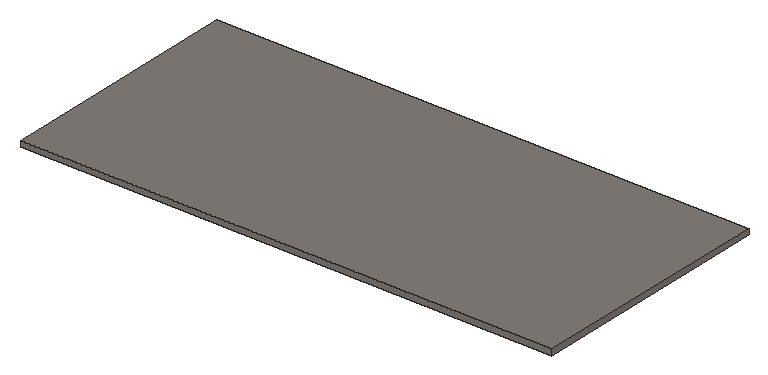
Revit family "Table-Teknion-CEWIC-Island_Countertop-R2023", category Furniture, Revit 2023
Family settings
  OmniClass Number = 23.40.20.00
  OmniClass Title = General Furniture and Specialties
  Work Plane-Based = No
  Enable Cutting in Views = No
  Always vertical = Yes
  Cut with Voids When Loaded = No
  Render Appearance Source = Family Geometry
  Shared = Yes
  Room Calculation Point = No
Parameters (values of type "Island Countertop")
  Width = 104.000"
  Warranty = "http://www.teknion.com/ca/papers/legal-canada"
  Unit Weight URL = "http://www.teknion.com/ca/tools/assets#&asset=bee6a381-b954-425e-8283-5a2de3a804f2,f828d448-4b62-4231-9e5f-9a8991c0ed77"
  URL = "www.teknion.com"
  To render please download texture images found here [instance] = "https://assets.teknion.com/web/5e81352c1dfdb467/revit-material-swatches/"
  Sustainability Data = "https://www.teknion.com/ca/tools/assets#&topic=216f99a5-57a0-44fc-b10a-9dee9b29ae4c&asset=444deb64-fe58-4b68-981e-f75e97781df7,b4ff2d81-9f2e-437d-9659-7cffb09c31cf"
  Series = "Casework+"  # constant formula
  Product Page URL = "http://www.teknion.com/pricingguides/Casework/pdfs/CEWIC_ppg.pdf"
  Product Line = "Countertops & Supports"  # constant formula
  Product Documentation Link = "http://www.teknion.com/pricingguides/Casework/pdfs/CEWIC_ppg.pdf"
  Part Number = "CEWIC"  # constant formula
  Model = "CEWIC_______"  # constant formula
  Manufacturer Phone = "416-661-3370"  # constant formula
  Manufacturer Fax = "416.661.4586"  # constant formula
  Manufacturer Contact Information = "http://www.teknion.com/ca/contactus"
  Manufacturer Address = "1150 Flint Road, Toronto, ON. M3J 2J5. Canada"  # constant formula
  Manufacturer = "Teknion"  # constant formula
  How To Use Teknion Materials User Guide [instance] = "https://assets.teknion.com/m/205dd0a49fa58060/original/How-to-add-a-Material-Library-and-Texture-Images-to-your-Revit-project.pdf"
  For Additional Finishes please visit [instance] = "https://assets.teknion.com/m/44a8009b046e5d47/original/Teknion_Materials_Library.zip"
  Description = "Island Countertop"  # constant formula
  Depth = 48.000"
  Default Elevation = 0.000"
  Countertop Finish [instance] = Veneer - Teknion - 5P - Flintwood - Poppy Seed
  Available Width [instance] = if(Depth > 48.000", "Available In 62, 65, 68, 71, 74, 77, 80, 83, 86, 89 & 92 Inches", "Available In 62, 65, 68, 71, 74, 77, 80, 83, 86, 89, 92, 95, 98, 101 & 104 Inches")  # "Available In 62, 65, 68, 71, 74, 77, 80, 83, 86, 89, 92, 95, 98, 101 & 104 Inches"
  Available Depth [instance] = "Available In 30, 36, 42, 48, 52 & 54 Inches"  # constant formula
  Assembly Code = "E2020200"
Reference planes (in)
  plane 1 "Center Front/Back": y = 0
  plane 2: z = 0
  plane 3 "Center Left/Right": x = 0
  plane 4 "Left": x = -52
  plane 5 "Right": x = 52
  plane 6 "Back": y = 24
  plane 7 "Front": y = -24
  plane 8 "Top": z = 36.18898
Forms (in)
  Sweep 1, solid, material "Veneer - Teknion - 5P - Flintwood - Poppy Seed" <- "Countertop Finish"
    path origin (0, 0, 0) x (1, 0, 0) y (0, 0, 1)
      loop
        line (0, 36.18898) -> (0, 35)
    profile origin (0, 0, 35.59449) x (0, -1, 0) y (1, 0, 0)
      loop
        line (-24, -52) -> (24, -52) -> (24, 52) -> (-24, 52) -> (-24, -52)
Lines and regions (in)
  Masking region 1
    outline origin (0, 0, 0) x (1, 0, 0) y (0, 1, 0)
      loop
        line (-52, 24) -> (-52, -24) -> (52, -24) -> (52, 24) -> (-52, 24)
  reference lines
    curve 1: line (-52, 24, 0) -> (52, 24, 0)
    curve 2: line (-52, 24, 0) -> (-52, -24, 0)
    curve 3: line (-52, -24, 0) -> (52, -24, 0)
    curve 4: line (52, 24, 0) -> (52, -24, 0)
Dimensions and locks (in)
  "Width": plane 4 "Left" to plane 5 "Right"
  "Depth": plane 6 "Back" to plane 7 "Front"
  plane 8 "Top" to level = 36.18898"
  equal spacing: plane 7 "Front", plane 1 "Center Front/Back", plane 6 "Back"
  equal spacing: plane 4 "Left", plane 3 "Center Left/Right", plane 5 "Right"
  locked: plane 8 "Top" to Sweep 1 sketch curve at 1.18898
  aligned and locked: level to plane 2
  aligned and locked: plane 8 "Top" to Sweep 1 sketch curve
  aligned and locked: Sweep 1 sketch curve to plane 3 "Center Left/Right"
  aligned and locked: Sweep 1 sketch curve to plane 4 "Left"
  aligned and locked: Sweep 1 sketch curve to plane 7 "Front"
  aligned and locked: Sweep 1 sketch curve to plane 5 "Right"
  aligned and locked: Sweep 1 sketch curve to plane 6 "Back"
  aligned and locked: Masking region 1 sketch curve to plane 4 "Left"
  aligned and locked: Masking region 1 sketch curve to plane 6 "Back"
  aligned and locked: Masking region 1 sketch curve to plane 7 "Front"
  aligned and locked: Masking region 1 sketch curve to plane 5 "Right"
  aligned and locked: nested 4 to plane 5 "Right"
  aligned and locked: plane 7 "Front" to nested 4
  aligned and locked: nested 1 to plane 7 "Front"
  aligned and locked: nested 1 to plane 4 "Left"
  aligned and locked: plane 4 "Left" to nested 2
  aligned and locked: nested 2 to plane 6 "Back"
  aligned and locked: nested 3 to plane 6 "Back"
  aligned and locked: plane 5 "Right" to nested 3
  aligned and locked: curve 1 to plane 6 "Back"
  aligned and locked: curve 2 to plane 4 "Left"
  aligned and locked: curve 3 to plane 7 "Front"
  aligned and locked: curve 4 to plane 5 "Right"
Nested families (in)
  nested 1: "Teknion_2D_Node_Family-R2021" at (-52, -24, 0), type "Teknion_2D_Node_Family-R2021"
  nested 2: "Teknion_2D_Node_Family-R2021" at (-52, 24, 0), type "Teknion_2D_Node_Family-R2021"
  nested 3: "Teknion_2D_Node_Family-R2021" at (52, 24, 0), type "Teknion_2D_Node_Family-R2021"
  nested 4: "Teknion_2D_Node_Family-R2021" at (52, -24, 0), type "Teknion_2D_Node_Family-R2021"
Definition of nested family "Teknion_2D_Node_Family-R2021"
  Reference planes (in)
    plane 1 "Center (Front/Back)": y = 0
    plane 2: z = 0
    plane 3 "Center (Left/Right)": x = 0
  Lines and regions (in)
    detail lines, in view "Ref. Level"
      curve 1: circle (0, 0, 0) r 1.25 normal (0, 0, 1)
      curve 2: line (1.91508, -1.91508, 0) -> (-1.91508, 1.91508, 0)
      curve 3: line (-1.91508, -1.91508, 0) -> (1.91508, 1.91508, 0)
